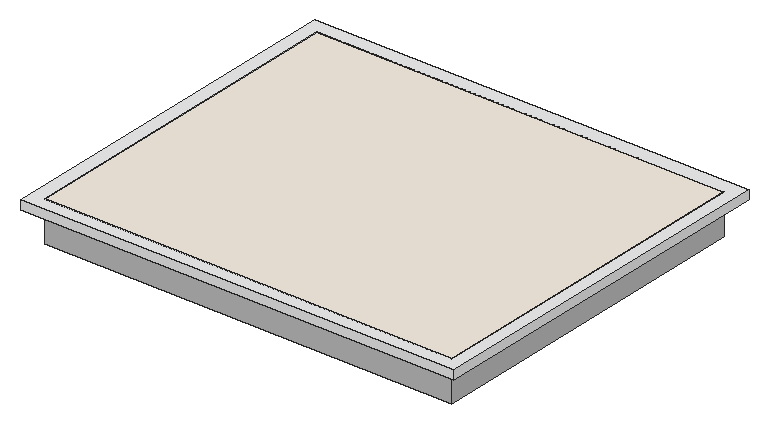
Revit family "Lighting-Industriale-GEWISS-ELIA-HL-LED_RIFLETTORE", category Apparecchi per illuminazione, host Superficie, Revit 2019 (continued)
Types (12, lengths in mm): name | Tensione | Scheda Tecnica | Potenza di sistema | Peso (kg): | Peso (kg) | Ottica | built-in parameter 1150142 | Lumen output (lm) | Modello | IDT | File diagramma fotometrico | Description
  GWF1001MM840 - ELIA HL M2 120° 4000K S.ALONE DALI | "220-240 V " | "https://www.gewiss.com/it/it/search?q=GWF1001MM840" | "120W" | "3,9" | "3,9" | "120°" | "IESNA:LM-63-1995\r\n[TEST] HB25-120-4080-120D-H00115\r\n[DATE] 27 Nov 2019\r\n[MANUFAC] GEWISS\r\n[LUMCAT] GWF1001MM840\r\n[LUMINAIRE] ELIA HL - M2 120° LED840 120W - DALI\r\n[FLASHAREA] 0.013851\r\n[LAMPCAT] LED 120W/17000lm\r\n[LAMP] LED 120W/17000lm\r\nTILT=NONE\r\n1 17000.00 1.0 181 37 1 2 -0.270 0.000 0.000\r\n1.00 1.00 120.00\r\n0.00 0.50 1.00 1.50 2.00 2.50 3.00 3.50 4.00 4.50 5.00 \r\n5.50 6.00 6.50 7.00 7.50 8.00 8.50 9.00 9.50 10.00 10.50 \r\n11.00 11.50 12.00 12.50 13.00 13.50 14.00 14.50 15.00 \r\n15.50 16.00 16.50 17.00 17.50 18.00 18.50 19.00 19.50 \r\n20.00 20.50 21.00 21.50 22.00 22.50 23.00 23.50 24.00 \r\n24.50 25.00 25.50 26.00 26.50 27.00 27.50 28.00 28.50 \r\n29.00 29.50 30.00 30.50 31.00 31.50 32.00 32.50 33.00 \r\n33.50 34.00 34.50 35.00 35.50 36.00 36.50 37.00 37.50 \r\n38.00 38.50 39.00 39.50 40.00 40.50 41.00 41.50 42.00 \r\n42.50 43.00 43.50 44.00 44.50 45.00 45.50 46.00 46.50 \r\n47.00 47.50 48.00 48.50 49.00 49.50 50.00 50.50 51.00 \r\n51.50 52.00 52.50 53.00 53.50 54.00 54.50 55.00 55.50 \r\n56.00 56.50 57.00 57.50 58.00 58.50 59.00 59.50 60.00 \r\n60.50 61.00 61.50 62.00 62.50 63.00 63.50 64.00 64.50 \r\n65.00 65.50 66.00 66.50 67.00 67.50 68.00 68.50 69.00 \r\n69.50 70.00 70.50 71.00 71.50 72.00 72.50 73.00 73.50 \r\n74.00 74.50 75.00 75.50 76.00 76.50 77.00 77.50 78.00 \r\n78.50 79.00 79.50 80.00 80.50 81.00 81.50 82.00 82.50 \r\n83.00 83.50 84.00 84.50 85.00 85.50 86.00 86.50 87.00 \r\n87.50 88.00 88.50 89.00 89.50 90.00 \r\n0.00 2.50 5.00 7.50 10.00 12.50 15.00 17.50 20.00 22.50 \r\n25.00 27.50 30.00 32.50 35.00 37.50 40.00 42.50 45.00 \r\n47.50 50.00 52.50 55.00 57.50 60.00 62.50 65.00 67.50 \r\n70.00 72.50 75.00 77.50 80.00 82.50 85.00 87.50 90.00 \r\n4943.60 4943.60 4945.30 4945.30 4947.00 4947.00 4948.70 \r\n4950.40 4953.80 4955.50 4957.20 4960.60 4964.00 4965.70 \r\n4969.10 4972.50 4977.60 4981.00 4984.40 4989.50 4992.90 \r\n4998.00 5001.40 5006.50 5009.90 5015.00 5020.10 5023.50 \r\n5026.90 5032.00 5035.40 5040.50 5045.60 5050.70 5055.80 \r\n5062.60 5067.70 5074.50 5079.60 5086.40 5093.20 5098.30 \r\n5105.10 5111.90 5118.70 5125.50 5132.30 5139.10 5145.90 \r\n5152.70 5159.50 5166.30 5173.10 5178.20 5185.00 5191.80 \r\n5196.90 5202.00 5207.10 5212.20 5215.60 5219.00 5222.40 \r\n5225.80 5227.50 5229.20 5230.90 5230.90 5230.90 5230.90 \r\n5229.20 5225.80 5222.40 5217.30 5212.20 5205.40 5198.60 \r\n5188.40 5178.20 5168.00 5154.40 5140.80 5125.50 5110.20 \r\n5093.20 5074.50 5055.80 5035.40 5013.30 4991.20 4965.70 \r\n4940.20 4909.60 4875.60 4838.20 4795.70 4746.40 4692.00 \r\n4632.50 4566.20 4496.50 4426.80 4357.10 4287.40 4214.30 \r\n4134.40 4046.00 3945.70 3840.30 3729.80 3617.60 3503.70 \r\n3389.80 3279.30 3170.50 3065.10 2961.40 2857.70 2755.70 \r\n2657.10 2560.20 2463.30 2368.10 2276.30 2186.20 2096.10 \r\n2009.40 1926.10 1844.50 1764.60 1687.25 1610.75 1536.46 \r\n1465.74 1397.06 1327.87 1260.72 1198.16 1137.98 1078.31 \r\n1019.49 960.67 903.21 847.79 795.09 746.64 700.91 656.37 \r\n613.70 573.92 536.01 499.80 465.29 432.31 400.69 371.11 \r\n342.55 313.99 286.62 261.12 236.81 213.18 191.08 171.36 \r\n153.24 135.44 118.61 103.11 88.64 75.09 62.44 50.54 39.83 \r\n30.82 23.14 16.52 11.28 7.75 5.65 4.80 5.24 \r\n4943.60 4943.60 4945.30 4945.30 4947.00 4947.00 4948.70 \r\n4950.40 4953.80 4955.50 4957.20 4960.60 4964.00 4965.70 \r\n4969.10 4972.50 4975.90 4981.00 4984.40 4988.65 4992.90 \r\n4998.00 5002.25 5006.50 5010.75 5015.00 5019.25 5023.50 \r\n5027.75 5032.00 5036.25 5040.50 5045.60 5050.70 5055.80 \r\n5062.60 5067.70 5074.50 5079.60 5086.40 5093.20 5100.00 \r\n5106.80 5112.75 5118.70 5125.50 5132.30 5139.10 5145.90 \r\n5152.70 5159.50 5166.30 5173.10 5179.05 5185.85 5191.80 \r\n5197.75 5202.85 5207.95 5213.05 5216.45 5220.70 5224.10 \r\n5226.65 5229.20 5230.90 5231.75 5232.60 5231.75 5231.75 \r\n5230.05 5227.50 5224.10 5219.00 5213.05 5207.10 5199.45 \r\n5190.10 5179.90 5168.85 5156.95 5143.35 5128.90 5111.90 \r\n5094.90 5077.90 5059.20 5038.80 5016.70 4992.90 4969.10 \r\n4941.90 4912.15 4878.15 4840.75 4797.40 4749.80 4696.25 \r\n4636.75 4570.45 4501.60 4431.90 4360.50 4290.80 4216.85 \r\n4136.95 4049.40 3949.95 3842.85 3732.35 3620.15 3506.25 \r\n3392.35 3281.85 3173.90 3067.65 2963.95 2860.25 2759.10 \r\n2659.65 2562.75 2466.70 2372.35 2278.85 2187.90 2099.50 \r\n2012.80 1928.65 1845.35 1765.45 1688.27 1611.94 1537.73 \r\n1467.19 1398.34 1329.23 1262.08 1199.27 1138.49 1078.65 \r\n1019.41 960.59 902.96 847.45 794.66 745.96 699.89 655.43 \r\n613.02 573.33 535.75 499.63 465.12 432.31 400.94 371.19 \r\n342.55 314.08 286.70 261.04 236.73 213.01 190.91 171.19 \r\n152.91 135.25 118.57 103.03 88.52 75.00 62.40 50.53 39.86 \r\n30.86 23.19 16.57 11.33 7.83 5.75 4.87 5.26 \r\n4943.60 4943.60 4944.45 4945.30 4947.00 4947.00 4948.70 \r\n4950.40 4952.95 4955.50 4957.20 4960.60 4963.15 4965.70 \r\n4969.10 4972.50 4975.90 4981.00 4984.40 4988.65 4992.90 \r\n4997.15 5002.25 5006.50 5010.75 5015.85 5019.25 5024.35 \r\n5027.75 5032.85 5036.25 5041.35 5046.45 5050.70 5056.65 \r\n5062.60 5069.40 5074.50 5081.30 5086.40 5093.20 5100.00 \r\n5106.80 5113.60 5120.40 5127.20 5134.00 5140.80 5146.75 \r\n5153.55 5160.35 5167.15 5173.95 5179.90 5185.85 5192.65 \r\n5197.75 5203.70 5208.80 5213.90 5217.30 5222.40 5224.95 \r\n5227.50 5230.05 5231.75 5233.45 5233.45 5233.45 5232.60 \r\n5230.90 5228.35 5224.95 5220.70 5214.75 5208.80 5201.15 \r\n5191.80 5182.45 5170.55 5158.65 5145.05 5130.60 5114.45 \r\n5097.45 5079.60 5060.90 5040.50 5018.40 4996.30 4970.80 \r\n4944.45 4913.85 4879.85 4841.60 4799.10 4752.35 4699.65 \r\n4641.00 4574.70 4505.85 4435.30 4363.90 4294.20 4219.40 \r\n4139.50 4051.10 3952.50 3845.40 3734.90 3621.85 3507.95 \r\n3394.90 3284.40 3175.60 3069.35 2965.65 2861.95 2761.65 \r\n2662.20 2566.15 2469.25 2374.90 2281.40 2190.45 2102.05 \r\n2015.35 1930.35 1847.05 1766.30 1688.78 1612.45 1538.59 \r\n1468.04 1399.19 1330.08 1262.76 1199.61 1138.57 1078.39 \r\n1019.07 959.99 902.36 846.77 793.90 744.86 698.62 654.16 \r\n612.00 572.56 535.25 499.20 464.87 432.14 400.86 371.11 \r\n342.38 313.90 286.54 260.78 236.47 212.75 190.57 170.85 \r\n152.50 134.96 118.41 102.86 88.31 74.83 62.29 50.48 39.84 \r\n30.86 23.20 16.59 11.37 7.90 5.84 4.94 5.28 \r\n4943.60 4943.60 4943.60 4945.30 4946.15 4947.00 4948.70 \r\n4950.40 4952.95 4954.65 4957.20 4959.75 4963.15 4965.70 \r\n4969.10 4972.50 4975.90 4980.15 4984.40 4988.65 4992.90 \r\n4997.15 5002.25 5006.50 5010.75 5015.00 5020.10 5023.50 \r\n5028.60 5032.85 5037.10 5041.35 5046.45 5051.55 5057.50 \r\n5062.60 5069.40 5074.50 5081.30 5088.10 5094.05 5100.85 \r\n5106.80 5113.60 5120.40 5127.20 5134.00 5140.80 5147.60 \r\n5153.55 5160.35 5167.15 5173.95 5179.90 5186.70 5193.50 \r\n5198.60 5204.55 5209.65 5214.75 5219.00 5223.25 5226.65 \r\n5229.20 5231.75 5233.45 5234.30 5235.15 5235.15 5234.30 \r\n5232.60 5230.05 5226.65 5222.40 5216.45 5210.50 5202.00 \r\n5193.50 5183.30 5172.25 5160.35 5146.75 5132.30 5116.15 \r\n5099.15 5082.15 5063.45 5042.20 5020.10 4998.00 4972.50 \r\n4946.15 4916.40 4881.55 4843.30 4801.65 4754.90 4702.20 \r\n4643.55 4578.10 4509.25 4438.70 4367.30 4295.90 4221.10 \r\n4141.20 4053.65 3953.35 3847.10 3736.60 3622.70 3509.65 \r\n3395.75 3285.25 3176.45 3070.20 2966.50 2864.50 2764.20 \r\n2664.75 2567.85 2471.80 2376.60 2283.95 2191.30 2102.90 \r\n2016.20 1931.20 1847.90 1767.15 1688.78 1612.62 1538.93 \r\n1468.38 1399.53 1330.34 1263.10 1199.61 1138.23 1077.72 \r\n1018.22 959.05 901.42 845.84 792.88 743.66 697.09 652.80 \r\n610.89 571.63 534.48 498.61 464.27 431.63 400.61 370.77 \r\n341.95 313.56 286.19 260.52 236.13 212.41 190.23 170.39 \r\n152.03 134.59 118.16 102.59 88.03 74.59 62.13 50.38 39.78 \r\n30.83 23.19 16.60 11.41 7.96 5.92 4.99 5.29 \r\n4943.60 4943.60 4943.60 4945.30 4946.15 4947.00 4948.70 \r\n4950.40 4952.95 4954.65 4957.20 4959.75 4963.15 4965.70 \r\n4969.10 4972.50 4975.90 4980.15 4984.40 4988.65 4993.75 \r\n4997.15 5002.25 5006.50 5011.60 5015.00 5020.10 5023.50 \r\n5028.60 5033.70 5037.10 5042.20 5046.45 5051.55 5057.50 \r\n5063.45 5069.40 5076.20 5081.30 5088.10 5094.05 5100.85 \r\n5107.65 5114.45 5121.25 5128.05 5134.00 5140.80 5147.60 \r\n5154.40 5161.20 5168.00 5174.80 5181.60 5187.55 5194.35 \r\n5199.45 5206.25 5211.35 5215.60 5219.85 5224.10 5227.50 \r\n5230.90 5232.60 5234.30 5236.00 5236.00 5236.00 5236.00 \r\n5234.30 5231.75 5228.35 5224.10 5218.15 5211.35 5203.70 \r\n5194.35 5184.15 5173.95 5161.20 5148.45 5134.00 5118.70 \r\n5101.70 5083.85 5065.15 5044.75 5022.65 4999.70 4975.05 \r\n4947.85 4917.25 4883.25 4845.00 4803.35 4756.60 4704.75 \r\n4646.10 4581.50 4512.65 4441.25 4369.85 4296.75 4221.95 \r\n4141.20 4053.65 3955.05 3848.80 3737.45 3623.55 3509.65 \r\n3396.60 3285.25 3177.30 3071.05 2967.35 2865.35 2765.90 \r\n2666.45 2569.55 2472.65 2378.30 2283.95 2193.00 2103.75 \r\n2017.05 1932.05 1848.75 1767.15 1688.53 1612.37 1538.93 \r\n1468.29 1399.36 1330.25 1262.76 1199.18 1137.56 1076.69 \r\n1017.11 957.95 900.32 844.73 791.69 742.22 695.55 651.36 \r\n609.53 570.52 533.55 497.76 463.59 431.12 400.10 370.35 \r\n341.44 313.06 285.69 260.10 235.71 211.99 189.72 169.86 \r\n151.52 134.16 117.81 102.26 87.70 74.32 61.91 50.23 39.71 \r\n30.77 23.15 16.60 11.44 8.03 5.99 5.05 5.29 \r\n4943.60 4943.60 4943.60 4945.30 4946.15 4947.00 4948.70 \r\n4951.25 4952.95 4954.65 4957.20 4959.75 4963.15 4965.70 \r\n4969.10 4972.50 4975.90 4979.30 4984.40 4988.65 4993.75 \r\n4997.15 5002.25 5006.50 5011.60 5015.85 5020.10 5024.35 \r\n5028.60 5033.70 5037.95 5042.20 5047.30 5053.25 5058.35 \r\n5064.30 5070.25 5076.20 5083.00 5088.95 5095.75 5101.70 \r\n5107.65 5114.45 5121.25 5128.05 5134.85 5141.65 5148.45 \r\n5155.25 5162.05 5168.00 5175.65 5182.45 5188.40 5194.35 \r\n5201.15 5206.25 5212.20 5217.30 5220.70 5225.80 5229.20 \r\n5231.75 5234.30 5236.85 5236.85 5238.55 5238.55 5236.85 \r\n5235.15 5233.45 5230.05 5224.95 5219.85 5213.05 5205.40 \r\n5196.05 5186.70 5174.80 5162.90 5150.15 5135.70 5119.55 \r\n5102.55 5085.55 5066.85 5045.60 5023.50 5001.40 4976.75 \r\n4948.70 4918.95 4884.10 4845.85 4805.05 4758.30 4706.45 \r\n4647.80 4584.05 4515.20 4443.80 4370.70 4298.45 4222.80 \r\n4142.05 4053.65 3955.05 3848.80 3737.45 3623.55 3509.65 \r\n3396.60 3286.10 3177.30 3071.05 2967.35 2866.20 2767.60 \r\n2668.15 2569.55 2473.50 2380.00 2285.65 2193.00 2104.60 \r\n2018.75 1932.90 1848.75 1767.15 1688.02 1611.94 1538.59 \r\n1468.04 1398.93 1329.74 1262.25 1198.33 1136.45 1075.59 \r\n1015.75 956.59 898.96 843.46 790.33 740.69 693.94 649.83 \r\n608.17 569.33 532.52 496.83 462.74 430.44 399.50 369.58 \r\n340.68 312.46 285.17 259.59 235.20 211.48 189.21 169.33 \r\n150.99 133.69 117.41 101.88 87.34 74.00 61.66 50.06 39.62 \r\n30.69 23.08 16.58 11.48 8.09 6.06 5.10 5.29 \r\n4943.60 4943.60 4943.60 4945.30 4946.15 4947.00 4948.70 \r\n4951.25 4952.95 4954.65 4956.35 4959.75 4963.15 4965.70 \r\n4969.10 4972.50 4975.90 4979.30 4984.40 4988.65 4992.90 \r\n4997.15 5002.25 5006.50 5011.60 5015.85 5020.10 5024.35 \r\n5029.45 5033.70 5038.80 5043.05 5048.15 5053.25 5059.20 \r\n5064.30 5071.10 5077.05 5083.00 5089.80 5095.75 5102.55 \r\n5109.35 5116.15 5122.95 5128.90 5135.70 5142.50 5149.30 \r\n5155.25 5162.05 5169.70 5175.65 5182.45 5189.25 5196.05 \r\n5202.00 5207.10 5213.05 5218.15 5222.40 5226.65 5230.05 \r\n5233.45 5235.15 5237.70 5238.55 5240.25 5239.40 5238.55 \r\n5236.85 5234.30 5230.90 5226.65 5221.55 5214.75 5207.10 \r\n5197.75 5188.40 5176.50 5164.60 5151.85 5137.40 5121.25 \r\n5105.10 5087.25 5067.70 5047.30 5025.20 5002.25 4977.60 \r\n4951.25 4919.80 4884.95 4846.70 4805.90 4760.00 4708.15 \r\n4650.35 4585.75 4516.05 4445.50 4372.40 4298.45 4222.80 \r\n4142.05 4053.65 3955.05 3848.80 3737.45 3622.70 3509.65 \r\n3395.75 3285.25 3177.30 3071.05 2967.35 2867.05 2768.45 \r\n2669.00 2570.40 2475.20 2380.00 2285.65 2193.85 2105.45 \r\n2018.75 1932.90 1848.75 1767.15 1687.25 1611.35 1538.07 \r\n1467.44 1398.16 1328.97 1261.40 1197.31 1135.26 1074.23 \r\n1014.30 955.14 897.60 842.09 788.97 739.25 692.24 648.21 \r\n606.82 568.05 531.42 495.81 461.81 429.59 398.82 368.81 \r\n339.92 311.69 284.67 259.08 234.69 210.97 188.70 168.80 \r\n150.46 133.21 116.99 101.48 86.96 73.67 61.40 49.89 39.51 \r\n30.61 23.00 16.56 11.51 8.15 6.13 5.14 5.29 \r\n4943.60 4943.60 4943.60 4945.30 4946.15 4947.00 4948.70 \r\n4951.25 4952.95 4954.65 4956.35 4959.75 4963.15 4964.85 \r\n4968.25 4972.50 4975.90 4979.30 4984.40 4988.65 4992.90 \r\n4998.00 5002.25 5006.50 5011.60 5015.85 5020.95 5024.35 \r\n5029.45 5034.55 5038.80 5043.90 5048.15 5054.10 5059.20 \r\n5066.00 5071.10 5077.90 5083.85 5090.65 5096.60 5103.40 \r\n5109.35 5116.15 5122.95 5129.75 5136.55 5142.50 5149.30 \r\n5156.95 5162.90 5169.70 5177.35 5184.15 5190.10 5196.90 \r\n5202.00 5208.80 5213.90 5219.00 5224.10 5228.35 5231.75 \r\n5235.15 5237.70 5239.40 5241.10 5241.10 5241.10 5240.25 \r\n5238.55 5236.00 5232.60 5228.35 5222.40 5215.60 5208.80 \r\n5198.60 5189.25 5177.35 5166.30 5152.70 5139.10 5123.80 \r\n5106.80 5088.95 5070.25 5049.00 5026.90 5003.95 4978.45 \r\n4952.10 4920.65 4885.80 4847.55 4805.90 4760.85 4709.00 \r\n4651.20 4587.45 4518.60 4447.20 4373.25 4299.30 4222.80 \r\n4141.20 4052.80 3954.20 3847.95 3736.60 3621.85 3508.80 \r\n3394.90 3285.25 3176.45 3070.20 2967.35 2867.05 2768.45 \r\n2669.00 2570.40 2475.20 2380.85 2286.50 2193.85 2105.45 \r\n2018.75 1932.90 1848.75 1766.30 1686.48 1610.58 1537.48 \r\n1466.59 1397.14 1327.95 1260.38 1196.20 1133.98 1072.87 \r\n1012.86 953.70 896.24 840.74 787.70 737.80 690.71 646.68 \r\n605.37 566.87 530.23 494.79 460.79 428.74 398.06 368.05 \r\n339.06 310.93 284.07 258.57 234.09 210.46 188.19 168.27 \r\n149.96 132.73 116.54 101.07 86.60 73.36 61.13 49.71 39.41 \r\n30.51 22.92 16.53 11.54 8.21 6.19 5.18 5.29 \r\n4943.60 4943.60 4943.60 4945.30 4946.15 4947.00 4948.70 \r\n4951.25 4952.95 4954.65 4956.35 4959.75 4962.30 4964.85 \r\n4968.25 4971.65 4975.90 4979.30 4984.40 4988.65 4992.90 \r\n4998.00 5003.10 5007.35 5012.45 5015.85 5020.95 5025.20 \r\n5029.45 5034.55 5039.65 5043.90 5049.00 5054.95 5060.90 \r\n5066.00 5071.95 5078.75 5085.55 5091.50 5097.45 5103.40 \r\n5110.20 5117.00 5123.80 5130.60 5137.40 5144.20 5151.00 \r\n5156.95 5163.75 5170.55 5177.35 5184.15 5190.95 5196.90 \r\n5203.70 5209.65 5215.60 5220.70 5224.95 5230.05 5233.45 \r\n5236.00 5238.55 5241.10 5242.80 5242.80 5242.80 5241.95 \r\n5240.25 5237.70 5234.30 5229.20 5224.10 5217.30 5209.65 \r\n5200.30 5190.95 5179.05 5168.00 5154.40 5140.80 5124.65 \r\n5107.65 5089.80 5070.25 5049.00 5027.75 5003.95 4980.15 \r\n4952.10 4921.50 4886.65 4847.55 4806.75 4761.70 4709.85 \r\n4652.05 4588.30 4520.30 4448.05 4374.10 4299.30 4221.95 \r\n4140.35 4051.95 3953.35 3847.10 3735.75 3621.00 3507.10 \r\n3394.05 3284.40 3174.75 3069.35 2965.65 2866.20 2769.30 \r\n2669.85 2570.40 2474.35 2380.85 2286.50 2193.85 2105.45 \r\n2019.60 1932.90 1848.75 1766.30 1685.72 1609.81 1536.80 \r\n1465.74 1396.13 1326.85 1259.28 1195.10 1132.71 1071.42 \r\n1011.41 952.34 894.88 839.46 786.42 736.36 689.26 645.24 \r\n604.09 565.67 529.13 493.77 459.85 427.89 397.20 367.29 \r\n338.21 310.33 283.48 257.98 233.58 209.95 187.68 167.80 \r\n149.49 132.27 116.10 100.68 86.25 73.04 60.87 49.53 39.30 \r\n30.41 22.82 16.50 11.58 8.27 6.25 5.22 5.28 \r\n4943.60 4943.60 4943.60 4945.30 4946.15 4947.00 4948.70 \r\n4950.40 4952.10 4954.65 4956.35 4959.75 4962.30 4964.85 \r\n4968.25 4971.65 4975.90 4979.30 4984.40 4988.65 4992.90 \r\n4998.00 5003.10 5007.35 5012.45 5015.85 5020.95 5026.05 \r\n5030.30 5034.55 5039.65 5045.60 5049.85 5054.95 5060.90 \r\n5066.85 5073.65 5078.75 5085.55 5092.35 5098.30 5105.10 \r\n5111.05 5117.00 5124.65 5131.45 5138.25 5144.20 5151.00 \r\n5157.80 5164.60 5171.40 5179.05 5185.00 5191.80 5198.60 \r\n5205.40 5210.50 5216.45 5221.55 5226.65 5230.90 5235.15 \r\n5237.70 5240.25 5242.80 5243.65 5244.50 5244.50 5242.80 \r\n5241.10 5239.40 5236.00 5230.90 5225.80 5219.00 5210.50 \r\n5202.00 5191.80 5180.75 5168.00 5156.10 5141.65 5125.50 \r\n5109.35 5090.65 5071.95 5050.70 5027.75 5005.65 4981.00 \r\n4952.95 4921.50 4886.65 4848.40 4807.60 4762.55 4710.70 \r\n4653.75 4590.00 4520.30 4448.05 4374.10 4299.30 4221.95 \r\n4139.50 4050.25 3950.80 3845.40 3734.05 3620.15 3506.25 \r\n3393.20 3282.70 3174.75 3068.50 2964.80 2866.20 2769.30 \r\n2669.85 2570.40 2475.20 2380.85 2286.50 2194.70 2106.30 \r\n2019.60 1932.90 1848.75 
